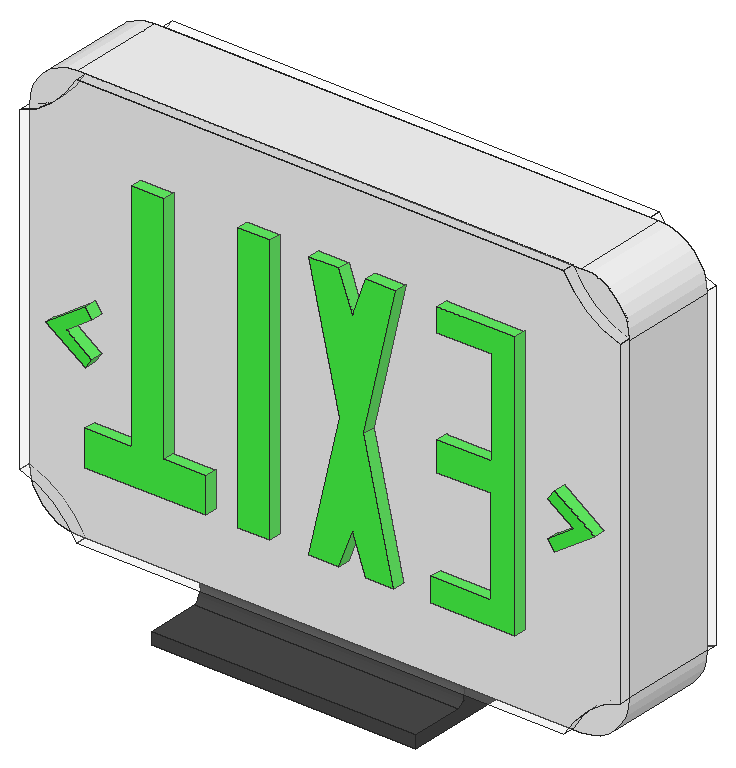
Revit family "CEW", category Lighting Fixtures, host Face, Revit 2021
Family settings
  Host = Face
  Round Connector Dimension = Use Diameter
  Part Type = Normal
  OmniClass Number = 23.80.70.11.21
  OmniClass Title = Emergency Lighting
  Cut with Voids When Loaded = No
  Light Source = No
  Shared = No
  Room Calculation Point = No
Parameters (values of type "CEWDGE")
  zz Length 1 [instance] = if(Single Face, 0.200", 0.250")  # 0.200"
  Watts = 2.7 W
  Wattage Comments = "2.7W"
  Warranty = "2 year full unit warranty"  # constant formula
  Wall Plate Material = Black
  Voltage [instance] = if(Is 120VAC, 120 V, 277 V)  # 120 V
  URL = "https://www.currentlighting.com/compass"
  Type Comments = "Exit Light"  # constant formula
  Single Face = yes
  Product Page URL = ""
  Product Documentation Link = ""
  Model = "CEWDGE"
  Manufacturer = "Compass Products"  # constant formula
  Load Classification = Lighting
  Lens = Green Glass
  Lamp = "LED Lamp"  # constant formula
  Is 277VAC [instance] = not(Is 120VAC)  # no
  Is 120VAC [instance] = yes
  Holder Material = Steel
  Glass = light Glass
  Finish = White
  Features = "LED life-cycle of more than 10 years\r\n•\t Dual-voltage 120 or 277V AC input\r\n•\t Emergency models include long-life 4.8VDC Nickel\r\nCadmium battery for UL recognized 90 minute\r\noperation\r\n•\t Wet Location Listed(-20°C to 50°C)\r\n•\t Provided with test switch and AC-On indicator\r\n•\t Canopy Included\r\n•\t 24hr. Re-charge"  # constant formula
  Double Face = yes
  Description = "The CEW Series offers quality and value with a wet location rated emergency Exit sign."  # constant formula
  Default Elevation = 48.000"
  Certification = "UL924 Listed for Wet Location\r\nNFPA 101 and NFPA 70\r\nOSHA\r\nCEC T20 Compliant"  # constant formula
  Application = "The CEW Series can be applied in areas that are\r\nsusceptible to rain or wet conditions like pool areas or\r\nwater treatment facilities."  # constant formula
  Apparent Load = Watts  # 2.7 VA
Types (4): name | Watts | Wattage Comments | Model | Lens | Glass | Double Face | Apparent Load
  CEWDRE | 3.72 W | "3.72 W" | "CEWDRE" | Red Glass | Glass | yes | 3.72 VA
  CEWSRE | 3.72 W | "3.72 W" | "CEWSRE" | Red Glass | Glass | no | 3.72 VA
  CEWDGE | 2.7 W | "2.7W" | "CEWDGE" | Green Glass | light Glass | yes | 2.7 VA
  CEWSGE | 3.72 W | "3.72 W" | "CEWSGE" | Green Glass | light Glass | no | 3.72 VA
Reference planes (in)
  plane 1 "Center (Front/Back)": y = 0
  plane 2: z = 0
  plane 3 "Center (Left/Right)": x = 0
  plane 4: x = -6.25
  plane 5: x = 6.25
  plane 6: x = -2.75
  plane 7: x = 2.75
  plane 8: z = 9.3
  plane 9: y = -1.25
  plane 10: y = 1.25
  plane 11: y = -2.2
  plane 12: y = 2.2
Forms (in)
  Extrusion 1, solid, material "Black" <- "Wall Plate Material"
    sketch origin (0, 0, 0) x (0, 1, 0) y (0, 0, 1)
      loop
        line (2.20258, 0) -> (2.20258, 0.24288) -> (1.0795, 0.24288)
        arc (1.0795, 0.24288) -> (0.94157, 0.42301) -> (0.97906, 0.64676) r 0.28476
        line (0.97906, 0.64676) -> (-0.97906, 0.64676)
        arc (-0.97906, 0.64676) -> (-0.94157, 0.42301) -> (-1.0795, 0.24288) r 0.28476
        line (-1.0795, 0.24288) -> (-2.20258, 0.24288) -> (-2.20258, 0) -> (2.20258, 0)
    from -2.75 to 2.75
  Extrusion 2, solid, material "White" <- "Finish"
    sketch origin (0, 0, 0) x (1, 0, 0) y (0, 0, 1)
      loop
        arc (-5.25, 9.3) -> (-5.95711, 9.00711) -> (-6.25, 8.3) r 1
        line (-6.25, 8.3) -> (-6.25, 1.64676)
        arc (-6.25, 1.64676) -> (-5.95711, 0.93965) -> (-5.25, 0.64676) r 1
        line (-5.25, 0.64676) -> (5.25, 0.64676)
        arc (5.25, 0.64676) -> (5.95711, 0.93965) -> (6.25, 1.64676) r 1
        line (6.25, 1.64676) -> (6.25, 8.3)
        arc (6.25, 8.3) -> (5.95711, 9.00711) -> (5.25, 9.3) r 1
        line (5.25, 9.3) -> (-5.25, 9.3)
    from -1 to 1
  Extrusion 3, solid, material "Green Glass" <- "Lens", visible <- "Single Face"
    sketch origin (0, 0, 1.25) x (1, 0, 0) y (0, 0, 1)
      loop
        line (-4.88814, 3.88778) -> (-5.7073, 3.3142) -> (-4.88814, 2.74063) -> (-4.74475, 2.94542) -> (-5.27143, 3.3142) -> (-4.74475, 3.68299) -> (-4.88814, 3.88778)
      loop
        line (4.88814, 3.88778) -> (4.74475, 3.68299) -> (5.27143, 3.3142) -> (4.74475, 2.94542) -> (4.88814, 2.74063) -> (5.7073, 3.3142) -> (4.88814, 3.88778)
      loop
        line (2.43416, 6.45678) -> (2.43416, 5.97564) -> (3.5716, 5.97564) -> (3.5716, 3.97225) -> (2.43416, 3.97225) -> (2.43416, 3.36683) -> (3.55274, 3.3823) -> (3.55274, 1.3823) -> (2.30274, 1.3823) -> (2.30274, 0.8823) -> (4.05274, 0.8823) -> (4.05274, 6.45678) -> (2.43416, 6.45678)
      loop
        line (1.58093, 6.45573) -> (0.95036, 6.45573) -> (0.67318, 5.69418) -> (0.396, 6.45573) -> (-0.23457, 6.45573) -> (0.40867, 3.66954) -> (-0.23457, 0.88335) -> (0.396, 0.88335) -> (0.67318, 1.64489) -> (0.95036, 0.88335) -> (1.53078, 0.88335) -> (0.91261, 3.56092) -> (1.58093, 6.45573)
      loop
        line (-1.71319, 6.47228) -> (-1.71319, 0.88335) -> (-1.04357, 0.88335) -> (-1.04357, 6.47228) -> (-1.71319, 6.47228)
      loop
        line (-2.38057, 0.88335) -> (-2.38057, 1.61488) -> (-3.25288, 1.61488) -> (-3.25288, 6.47228) -> (-3.9225, 6.47228) -> (-3.9225, 1.61488) -> (-4.89234, 1.61488) -> (-4.89234, 0.88335) -> (-2.38057, 0.88335)
    from 1 to 1.25
  Extrusion 4, solid, material "light Glass" <- "Glass", visible <- "Single Face"
    sketch origin (0, 0, 0) x (1, 0, 0) y (0, 0, 1)
      loop
        line (-6.24638, 8.32765) -> (-6.24638, 1.61911)
        arc (-6.24638, 1.61911) -> (-5.5641, 1.2506) -> (-5.0776, 0.64676) r 1.96421
        line (-5.0776, 0.64676) -> (5.0776, 0.64676)
        arc (5.0776, 0.64676) -> (5.5641, 1.2506) -> (6.24638, 1.61911) r 1.96421
        line (6.24638, 1.61911) -> (6.24638, 8.32765)
        arc (6.24638, 8.32765) -> (5.5641, 8.69616) -> (5.0776, 9.3) r 1.96421
        line (5.0776, 9.3) -> (-5.0776, 9.3)
        arc (-5.0776, 9.3) -> (-5.5641, 8.69616) -> (-6.24638, 8.32765) r 1.96421
    from 1 to 1.25
  Extrusion 5, solid, material "Green Glass" <- "Lens", visible <- "Double Face"
    sketch origin (0, 0, 8.60458) x (-1, 0, 0) y (0, 0, 1)
      loop
        line (-4.88814, -3.88778) -> (-4.74475, -3.68299) -> (-5.27143, -3.3142) -> (-4.74475, -2.94542) -> (-4.88814, -2.74063) -> (-5.7073, -3.3142) -> (-4.88814, -3.88778)
      loop
        line (4.88814, -3.88778) -> (5.7073, -3.3142) -> (4.88814, -2.74063) -> (4.74475, -2.94542) -> (5.27143, -3.3142) -> (4.74475, -3.68299) -> (4.88814, -3.88778)
      loop
        line (2.43416, -6.45678) -> (4.05274, -6.45678) -> (4.05274, -0.8823) -> (2.30274, -0.8823) -> (2.30274, -1.3823) -> (3.55274, -1.3823) -> (3.55274, -3.3823) -> (2.43416, -3.36683) -> (2.43416, -3.97225) -> (3.5716, -3.97225) -> (3.5716, -5.97564) -> (2.43416, -5.97564) -> (2.43416, -6.45678)
      loop
        line (1.58093, -6.45573) -> (0.91261, -3.56092) -> (1.53078, -0.88335) -> (0.95036, -0.88335) -> (0.67318, -1.64489) -> (0.396, -0.88335) -> (-0.23457, -0.88335) -> (0.40867, -3.66954) -> (-0.23457, -6.45573) -> (0.396, -6.45573) -> (0.67318, -5.69418) -> (0.95036, -6.45573) -> (1.58093, -6.45573)
      loop
        line (-1.71319, -6.47228) -> (-1.04357, -6.47228) -> (-1.04357, -0.88335) -> (-1.71319, -0.88335) -> (-1.71319, -6.47228)
      loop
        line (-4.89234, -6.47228) -> (-2.38057, -6.47228) -> (-2.38057, -5.74075) -> (-3.35041, -5.74075) -> (-3.35041, -0.88335) -> (-4.02003, -0.88335) -> (-4.02003, -5.74075) -> (-4.89234, -5.74075) -> (-4.89234, -6.47228)
    from 1 to 1.25
  Extrusion 6, solid, material "light Glass" <- "Glass", visible <- "Double Face"
    sketch origin (0, 0, 0) x (1, 0, 0) y (0, 0, -1)
      loop
        arc (-6.24638, -8.32765) -> (-5.5641, -8.69616) -> (-5.0776, -9.3) r 1.96421
        line (-5.0776, -9.3) -> (5.0776, -9.3)
        arc (5.0776, -9.3) -> (5.5641, -8.69616) -> (6.24638, -8.32765) r 1.96421
        line (6.24638, -8.32765) -> (6.24638, -1.61911)
        arc (6.24638, -1.61911) -> (5.5641, -1.2506) -> (5.0776, -0.64676) r 1.96421
        line (5.0776, -0.64676) -> (-5.0776, -0.64676)
        arc (-5.0776, -0.64676) -> (-5.5641, -1.2506) -> (-6.24638, -1.61911) r 1.96421
        line (-6.24638, -1.61911) -> (-6.24638, -8.32765)
    from 1 to 1.25
Dimensions and locks (in)
  plane 4 to plane 3 "Center (Left/Right)" = 6.250"
  equal spacing: plane 4, plane 3 "Center (Left/Right)", plane 5
  equal spacing: plane 6, plane 3 "Center (Left/Right)", plane 7
  plane 6 to plane 3 "Center (Left/Right)" = 2.750"
  plane 7 to plane 6 = 5.500"
  plane 5 to plane 4 = 12.500"
  aligned and locked: plane 2 to host face
  aligned and locked: level to host face
  aligned and locked: Extrusion 1 to plane 6
  aligned and locked: plane 7 to Extrusion 1
Automatic sketch dimensions
  host sketch curve to host sketch curve = 96.000"  (x2)
  Extrusion 2 sketch curve to plane 4 = 0.000"
  Extrusion 2 sketch curve to plane 8 = 0.000"
  Extrusion 2 sketch curve to plane 5 = 0.000"
  level to Extrusion 2 sketch curve = 0.64676"
  plane 4 to Extrusion 2 sketch curve = 1.000"  (x2)
  Extrusion 2 sketch curve to plane 5 = 1.000"  (x2)
  plane 4 to Extrusion 3 sketch curve = 0.5427"
  Extrusion 3 sketch curve to Extrusion 3 sketch curve = 0.43586"  (x2)
  plane 4 to Extrusion 3 sketch curve = 1.35766"
  Extrusion 3 sketch curve to Extrusion 3 sketch curve = 0.38329"  (x2)
  Extrusion 3 sketch curve to Extrusion 3 sketch curve = 0.14339"  (x4)
  Extrusion 3 sketch curve to plane 6 = 1.1725"
  Extrusion 3 sketch curve to plane 6 = 0.50288"
  plane 6 to Extrusion 3 sketch curve = 0.36943"
  Extrusion 3 sketch curve to Extrusion 3 sketch curve = 0.66738"
  Extrusion 3 sketch curve to Extrusion 3 sketch curve = 0.66962"
  Extrusion 3 sketch curve to plane 3 "Center (Left/Right)" = 0.23457"  (x2)
  plane 3 "Center (Left/Right)" to Extrusion 3 sketch curve = 0.396"  (x2)
  plane 3 "Center (Left/Right)" to Extrusion 3 sketch curve = 0.40867"
  plane 3 "Center (Left/Right)" to Extrusion 3 sketch curve = 0.67318"  (x2)
  Extrusion 3 sketch curve to Extrusion 3 sketch curve = 0.50394"
  Extrusion 3 sketch curve to Extrusion 3 sketch curve = 0.55436"  (x2)
  Extrusion 3 sketch curve to Extrusion 3 sketch curve = 0.58042"
  Extrusion 3 sketch curve to Extrusion 3 sketch curve = 0.63057"
  Extrusion 3 sketch curve to plane 7 = 0.44726"
  Extrusion 3 sketch curve to plane 7 = 0.31584"  (x2)
  plane 7 to Extrusion 3 sketch curve = 0.80274"
  Extrusion 3 sketch curve to Extrusion 3 sketch curve = 0.01886"
  Extrusion 3 sketch curve to Extrusion 3 sketch curve = 0.48114"  (x2)
  Extrusion 3 sketch curve to Extrusion 3 sketch curve = 1.19201"
  Extrusion 3 sketch curve to Extrusion 3 sketch curve = 0.000"  (x5)
  Extrusion 3 sketch curve to Extrusion 3 sketch curve = 0.52668"
  level to Extrusion 3 sketch curve = 2.1323"
  level to Extrusion 3 sketch curve = 2.13335"
  Extrusion 3 sketch curve to Extrusion 3 sketch curve = 0.500"
  Extrusion 3 sketch curve to Extrusion 3 sketch curve = 0.73153"
  Extrusion 3 sketch curve to Extrusion 3 sketch curve = 0.76154"  (x2)
  Extrusion 3 sketch curve to Extrusion 3 sketch curve = 1.12575"
  Extrusion 3 sketch curve to Extrusion 3 sketch curve = 1.35833"
  Extrusion 3 sketch curve to Extrusion 3 sketch curve = 0.20479"  (x2)
  Extrusion 3 sketch curve to Extrusion 3 sketch curve = 1.98453"
  Extrusion 3 sketch curve to Extrusion 3 sketch curve = 0.01547"
  Extrusion 3 sketch curve to Extrusion 3 sketch curve = 0.19409"
  Extrusion 3 sketch curve to Extrusion 3 sketch curve = 0.10862"
  Extrusion 3 sketch curve to Extrusion 3 sketch curve = 0.58995"
  Extrusion 3 sketch curve to Extrusion 3 sketch curve = 2.02465"
  Extrusion 3 sketch curve to Extrusion 3 sketch curve = 0.28145"
  Extrusion 3 sketch curve to Extrusion 3 sketch curve = 0.48009"
  Extrusion 3 sketch curve to plane 8 = 1.57772"
  Extrusion 3 sketch curve to Extrusion 3 sketch curve = 0.01655"
  Extrusion 4 sketch curve to plane 8 = 0.000"
  Extrusion 4 sketch curve to level = 0.25938"  (x2)
  Extrusion 4 sketch curve to plane 4 = 0.57031"  (x2)
  plane 4 to Extrusion 4 sketch curve = 0.00362"
  plane 4 to Extrusion 4 sketch curve = 1.1724"  (x2)
  level to Extrusion 4 sketch curve = 0.64676"
  Extrusion 4 sketch curve to plane 5 = 1.1724"  (x2)
  Extrusion 4 sketch curve to plane 5 = 0.00362"
  plane 5 to Extrusion 4 sketch curve = 0.57031"  (x2)
  Extrusion 4 sketch curve to plane 8 = 0.97235"  (x2)
  Extrusion 6 sketch curve to plane 8 = 0.000"
  Extrusion 6 sketch curve to level = 0.25938"  (x2)
  Extrusion 6 sketch curve to plane 4 = 0.57031"  (x2)
  plane 4 to Extrusion 6 sketch curve = 0.00362"
  plane 4 to Extrusion 6 sketch curve = 1.1724"  (x2)
  level to Extrusion 6 sketch curve = 0.64676"
  Extrusion 6 sketch curve to plane 5 = 1.1724"  (x2)
  Extrusion 6 sketch curve to plane 5 = 0.00362"
  plane 5 to Extrusion 6 sketch curve = 0.57031"  (x2)
  plane 8 to Extrusion 6 sketch curve = 0.90614"  (x2)
  Extrusion 5 sketch curve to plane 5 = 0.5427"
  Extrusion 5 sketch curve to Extrusion 5 sketch curve = 0.43586"  (x2)
  Extrusion 5 sketch curve to plane 5 = 1.35766"
  Extrusion 5 sketch curve to Extrusion 5 sketch curve = 0.38329"  (x2)
  Extrusion 5 sketch curve to Extrusion 5 sketch curve = 0.14339"  (x4)
  plane 7 to Extrusion 5 sketch curve = 1.27003"
  plane 7 to Extrusion 5 sketch curve = 0.60041"
  Extrusion 5 sketch curve to plane 7 = 0.36943"
  Extrusion 5 sketch curve to Extrusion 5 sketch curve = 0.66738"
  Extrusion 5 sketch curve to Extrusion 5 sketch curve = 0.66962"
  plane 3 "Center (Left/Right)" to Extrusion 5 sketch curve = 0.23457"  (x2)
  Extrusion 5 sketch curve to plane 3 "Center (Left/Right)" = 0.396"  (x2)
  Extrusion 5 sketch curve to plane 3 "Center (Left/Right)" = 0.40867"
  Extrusion 5 sketch curve to plane 3 "Center (Left/Right)" = 0.67318"  (x2)
  Extrusion 5 sketch curve to Extrusion 5 sketch curve = 0.50394"
  Extrusion 5 sketch curve to Extrusion 5 sketch curve = 0.55436"  (x2)
  Extrusion 5 sketch curve to Extrusion 5 sketch curve = 0.58042"
  Extrusion 5 sketch curve to Extrusion 5 sketch curve = 0.63057"
  plane 6 to Extrusion 5 sketch curve = 0.44726"
  plane 6 to Extrusion 5 sketch curve = 0.31584"  (x2)
  Extrusion 5 sketch curve to plane 6 = 0.80274"
  Extrusion 5 sketch curve to Extrusion 5 sketch curve = 0.01886"
  Extrusion 5 sketch curve to Extrusion 5 sketch curve = 0.48114"  (x2)
  Extrusion 5 sketch curve to Extrusion 5 sketch curve = 1.19201"
  Extrusion 5 sketch curve to Extrusion 5 sketch curve = 0.000"  (x3)
  Extrusion 5 sketch curve to Extrusion 5 sketch curve = 0.52668"
  level to Extrusion 5 sketch curve = 2.1323"
  level to Extrusion 5 sketch curve = 2.1478"
  Extrusion 5 sketch curve to Extrusion 5 sketch curve = 0.01655"
  Extrusion 5 sketch curve to Extrusion 5 sketch curve = 0.00106"
  Extrusion 5 sketch curve to Extrusion 5 sketch curve = 0.73153"
  Extrusion 5 sketch curve to Extrusion 5 sketch curve = 0.76154"  (x2)
  Extrusion 5 sketch curve to Extrusion 5 sketch curve = 2.00339"
  Extrusion 5 sketch curve to Extrusion 5 sketch curve = 1.85297"
  Extrusion 5 sketch curve to Extrusion 5 sketch curve = 0.08447"
  Extrusion 5 sketch curve to Extrusion 5 sketch curve = 0.20479"  (x2)
  Extrusion 5 sketch curve to Extrusion 5 sketch curve = 2.02465"
  Extrusion 5 sketch curve to Extrusion 5 sketch curve = 0.10862"
  Extrusion 5 sketch curve to Extrusion 5 sketch curve = 0.58995"
  Extrusion 5 sketch curve to Extrusion 5 sketch curve = 0.60542"
  Extrusion 5 sketch curve to Extrusion 5 sketch curve = 1.91603"
  Extrusion 5 sketch curve to Extrusion 5 sketch curve = 0.2626"
  Extrusion 5 sketch curve to plane 8 = 1.57878"  (x2)
  Extrusion 5 sketch curve to Extrusion 5 sketch curve = 0.49894"
  Extrusion 5 sketch curve to Extrusion 5 sketch curve = 0.500"
  Extrusion 1 sketch curve to level = 0.000"
  plane 11 to Extrusion 1 sketch curve = 0.00258"
  Extrusion 1 sketch curve to plane 9 = 0.03208"
  Extrusion 1 sketch curve to plane 9 = 0.27094"
  plane 10 to Extrusion 1 sketch curve = 0.27094"
  plane 10 to Extrusion 1 sketch curve = 0.1705"
  plane 10 to Extrusion 1 sketch curve = 0.03208"
  Extrusion 1 sketch curve to plane 12 = 0.00258"
  Extrusion 1 sketch curve to Extrusion 1 sketch curve = 0.24288"
  level to Extrusion 1 sketch curve = 0.24288"
  Extrusion 1 sketch curve to Extrusion 1 sketch curve = 0.24885"  (x2)
Connectors (in)
  electrical at (0, 0, 0), driven by "Voltage", driven by "Apparent Load"
    settings: on Extrusion 1, index 1, voltage 120 V, apparent load 2.7 VA, apparent load phase1 0 VA, apparent load phase2 0 VA, apparent load phase3 0 VA, power factor 1, load classification "Other", number of poles 1, system type 30, power factor state 1, is connector primary yes, connector utility no, sub classification motor no, connector description "Lighting Connector"
